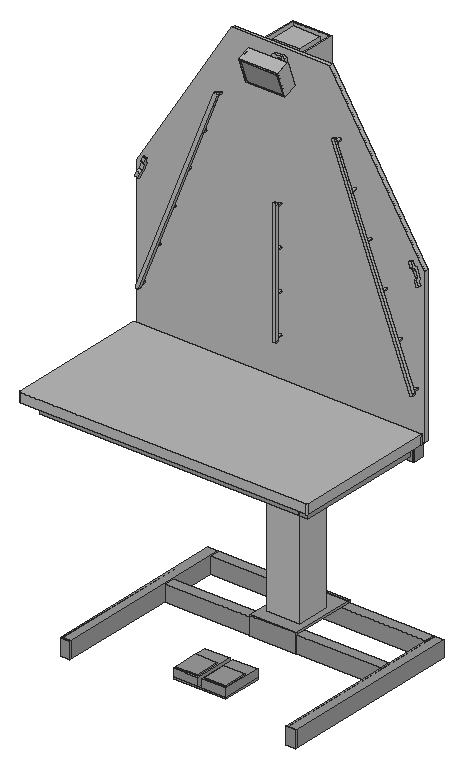
Revit family "Midmark - Tapered Electric Lift Table", category Specialty Equipment, Revit 2017
Family settings
  Round Connector Dimension = Use Diameter
  Part Type = Normal
  OmniClass Number = 23.25.61.00
  Work Plane-Based = No
  Always vertical = Yes
  Cut with Voids When Loaded = No
  Shared = No
  Room Calculation Point = No
Parameters (values of type "Stainless Steel Top w/ Foot Control & Scale")
  Tie-Down Rail Material = Stainless Steel, Polished
  Table Top Frame Material = Steel, Paint Finish, Black, Matte
  Scale = yes
  Width = 1' - 10"
  Type Comments = "Tapered Electric Lift Table, 44\"L x 22\"W Stainless Steel Top with Foot Control and Built-in Scale"
  Table work Ht = 3' - 0"
  Table Depth = 3' - 8"
  Lift Column Material = Stainless Steel, Polished
  Exam Table Material = Stainless Steel, Polished
  Pedestal Width = 3' - 0"
  Model = "110-3210-01"
  Min. Table Top Height w/out Scale = 0' - 8 1/2"
  Max. Table Top Height w/out Scale = 3' - 4"
  Manufacturer = "MIDMARK"
  Height = 7' - 0 1/2"
  Foot Control = yes
  Description = ""
  Depth = 2' - 7"
  Pedestal Base Material = Steel, Paint Finish, Black, Matte
  Back Board Material = Stainless Steel, Polished
Types (4): name | Scale | Type Comments | Model | Foot Control
  Stainless Steel Top w/ Hand Control | no | "Tapered Electric Lift Exam Table, 44\"L x 22\"W Stainless Steel Top with Hand Control" | "101-5640-01" | no
  Stainless Steel Top w/ Foot Control | no | "Tapered Electric Lift Table, 44\"L x 22\"W Stainless Steel Top with Foot Control" | "101-5640-07" | yes
  Stainless Steel Top w/ Hand Control & Scale | yes | "Tapered Electric Lift Exam Table, 44\"L x 22\"W Stainless Steel Top with Hand Control and Built-in Scale" | "110-3210-00" | no
  Stainless Steel Top w/ Foot Control & Scale | yes | "Tapered Electric Lift Table, 44\"L x 22\"W Stainless Steel Top with Foot Control and Built-in Scale" | "110-3210-01" | yes
Reference planes (in)
  plane 1 "Center (Front/Back)": y = 0
  plane 2: z = 0
  plane 3 "Center (Left/Right)": x = 0
  plane 4 "Left Edge of Table": x = -22
  plane 5 "Right Edge of Table": x = 22
  plane 6 "table back": y = 11
  plane 7 "Front of Table Top": y = -11
  plane 8 "TABLE TOP": z = 36
  plane 9 "BO TABLE": z = 34.625
  plane 10 "TO Pedestal": z = 2.5
  plane 11 "back": y = 20.07893
  plane 12 "BO table range w/out Scale": z = 8.5
  plane 13 "T.O. Table range w/out Scale": z = 40
  plane 14 "BO Table Top Frame": z = 32.625
  plane 15 "Back of Base Lift Column": y = 17.01643
  plane 16 "Front of Base Lift Column": y = 12.01643
  plane 17 "TO Base Lift Column": z = 45.125
  plane 18 "BO Base Lift Column": z = 2.75
  plane 19: y = 18.57893
  plane 20: y = 11.51643
  plane 21: y = 10.01643
  plane 22 "Front of Table Stand": y = -7.92107
  plane 23 "Left of Pedestal Base": x = -18
  plane 24 "Right of Pedestal Base": x = 18
  plane 25: x = 3.5
  plane 26: x = -3.5
  plane 27: x = 2.5
  plane 28: x = -2.5
  plane 29 "Front of Back Plate": y = 11.39143
  plane 30 "Left Edge Table Top Frame": x = -21
  plane 31 "Right Edge Table Frame": x = 21
  plane 32 "BO Lift Column Channel": z = 32.125
  plane 33: y = 10.51643
  plane 34: y = -9
  plane 35: y = -7.5
  plane 36: x = 20.5
  plane 37: x = -20.5
  plane 38 "TO Lift Column Channel": z = 81.00133
  plane 39 "TO Back Plate": z = 81.13024
  plane 40: x = 1.99835
  plane 41: x = -2
  plane 42: y = 16.51643
  plane 43: y = 12.51643
  plane 44: through (-20.31668, -180, 59.01938) normal (0.9336, 0, -0.3584)
  plane 45: through (20.31668, -180, 59.01938) normal (0.9336, 0, 0.3584)
  plane 46 "Left Tie Down Rail": through (-8.92814, -180, 72.13257) normal (0.9317, 0, -0.3632)
  plane 47 "Right Tie Down Rail": through (8.92438, -180, 72.13257) normal (0.9317, 0, 0.3632)
  plane 48: through (-7.5229, -180, 81.13024) normal (0.8491, 0, -0.5283)
  plane 49: through (7.5229, -180, 81.13024) normal (0.8491, 0, 0.5283)
Forms (in)
  Extrusion 1, solid, material "Stainless Steel, Polished" <- "Exam Table Material"
    sketch origin (0, 0, 0) x (1, 0, 0) y (0, 1, 0)
      loop
        arc (-21.76734, 11) -> (-21.93186, 10.93186) -> (-22, 10.76734) r 0.23266
        line (-22, 10.76734) -> (-22, -10.76403)
        arc (-22, -10.76403) -> (-21.93089, -10.93089) -> (-21.76403, -11) r 0.23597
        line (-21.76403, -11) -> (21.76563, -11)
        arc (21.76563, -11) -> (21.93135, -10.93135) -> (22, -10.76562) r 0.23438
        line (22, -10.76562) -> (22, 10.76563)
        arc (22, 10.76563) -> (21.93135, 10.93135) -> (21.76563, 11) r 0.23438
        line (21.76563, 11) -> (-21.76734, 11)
    from 34.625 to 36
  Extrusion 2, solid, material "Stainless Steel, Polished" <- "Back Board Material"
    sketch origin (0, 20.07893, 0) x (-1, 0, 0) y (0, 0, 1)
      loop
        line (22, 34.625) -> (22, 57.86225) -> (7.5229, 81.13024) -> (-7.5229, 81.13024) -> (-22, 58.07804) -> (-22, 34.625) -> (22, 34.625)
    from -8.0625 to -8.63963
  Extrusion 3, solid, material "Stainless Steel, Polished" <- "Lift Column Material"
    sketch origin (0, 20.07893, -0.15024) x (-1, 0, 0) y (0, 0, 1)
      loop
        line (2.5, 2.90024) -> (2.5, 45.125) -> (-2.5, 45.125) -> (-2.5, 2.90024) -> (2.5, 2.90024)
    from -3.05115 to -8.07815
  Extrusion 4, solid, material "Steel, Paint Finish, Black, Matte" <- "Pedestal Base Material"
    sketch origin (-28.87328, 20.07893, 48) x (-1, 0, 0) y (0, 0, 1)
      loop
        line (-10.87328, -45.5) -> (-12.37328, -45.5) -> (-12.37328, -48) -> (-10.87328, -48) -> (-10.87328, -45.5)
      loop
        line (-46.87328, -45.5) -> (-46.87328, -48) -> (-45.37328, -48) -> (-45.37328, -45.5) -> (-46.87328, -45.5)
      loop
        line (-45.49828, -45.625) -> (-46.74828, -45.625) -> (-46.74828, -47.875) -> (-45.49828, -47.875) -> (-45.49828, -45.625)
      loop
        line (-10.99828, -45.625) -> (-12.24828, -45.625) -> (-12.24828, -47.875) -> (-10.99828, -47.875) -> (-10.99828, -45.625)
    from -28 to 0
  Extrusion 5, solid, material "Steel, Paint Finish, Black, Matte" <- "Pedestal Base Material"
    sketch origin (18, 26.97006, 43.34038) x (0, 1, 0) y (0, 0, 1)
      loop
        line (-6.89113, -40.84038) -> (-8.39113, -40.84038) -> (-8.39113, -43.34038) -> (-6.89113, -43.34038) -> (-6.89113, -40.84038)
      loop
        line (-15.45363, -40.84038) -> (-16.95363, -40.84038) -> (-16.95363, -43.34038) -> (-15.45363, -43.34038) -> (-15.45363, -40.84038)
      loop
        line (-7.01613, -40.96538) -> (-8.26613, -40.96538) -> (-8.26613, -43.21538) -> (-7.01613, -43.21538) -> (-7.01613, -40.96538)
      loop
        line (-15.57863, -40.96538) -> (-16.82863, -40.96538) -> (-16.82863, -43.21538) -> (-15.57863, -43.21538) -> (-15.57863, -40.96538)
    from -34.5 to -1.5
  Extrusion 6, solid, material "Steel, Paint Finish, Black, Matte" <- "Table Top Frame Material"
    sketch origin (-39.85107, -180, 2.75) x (-1, 0, 0) y (0, -1, 0)
      loop
        line (-36.35107, -200.07893) -> (-36.35107, -190.01643) -> (-43.35107, -190.01643) -> (-43.35107, -200.07893) -> (-36.35107, -200.07893)
    from -0.25 to 0
  Extrusion 7, solid, material "Steel, Paint Finish, Black, Matte" <- "Table Top Frame Material"
    sketch origin (18, 26.97006, 43.34038) x (0, 1, 0) y (0, 0, 1)
      loop
        line (-14.95363, -8.71538) -> (-16.45363, -8.71538) -> (-16.45363, -11.21538) -> (-14.95363, -11.21538) -> (-14.95363, -8.71538)
      loop
        line (-15.07863, -8.84038) -> (-16.32863, -8.84038) -> (-16.32863, -11.09038) -> (-15.07863, -11.09038) -> (-15.07863, -8.84038)
    from -39 to 3
  Extrusion 8, solid, material "Steel, Paint Finish, Black, Matte" <- "Table Top Frame Material"
    sketch origin (-28.87328, 10.51643, 48) x (-1, 0, 0) y (0, 0, 1)
      loop
        line (-8.37328, -13.375) -> (-9.87328, -13.375) -> (-9.87328, -15.375) -> (-8.37328, -15.375) -> (-8.37328, -13.375)
      loop
        line (-49.37138, -15.375) -> (-47.87138, -15.375) -> (-47.87138, -13.375) -> (-49.37138, -13.375) -> (-49.37138, -15.375)
      loop
        line (-49.24638, -13.5) -> (-49.24638, -15.25) -> (-47.99638, -15.25) -> (-47.99638, -13.5) -> (-49.24638, -13.5)
      loop
        line (-8.49828, -13.5) -> (-9.74828, -13.5) -> (-9.74828, -15.25) -> (-8.49828, -15.25) -> (-8.49828, -13.5)
    from -19.46409 to -0.01935
  Extrusion 9, solid, material "Steel, Paint Finish, Black, Matte" <- "Table Top Frame Material"
    sketch origin (18, 26.97006, 43.34038) x (0, 1, 0) y (0, 0, 1)
      loop
        line (-34.47006, -8.71538) -> (-35.97006, -8.71538) -> (-35.97006, -10.71538) -> (-34.47006, -10.71538) -> (-34.47006, -8.71538)
      loop
        line (-34.59506, -8.84038) -> (-35.84506, -8.84038) -> (-35.84506, -10.59038) -> (-34.59506, -10.59038) -> (-34.59506, -8.84038)
    from -38.42161 to 2.46054
  Extrusion 10, solid, material "Stainless Steel, Polished" <- "Lift Column Material"
    sketch origin (-39.85107, -180, 2.75) x (-1, 0, 0) y (0, -1, 0)
      loop
        line (-36.84919, -192.01643) -> (-37.03669, -192.01643) -> (-37.03669, -197.32893) -> (-42.66169, -197.32893) -> (-42.66169, -192.01643) -> (-42.84919, -192.01643) -> (-42.84919, -197.51643) -> (-36.84919, -197.51643) -> (-36.84919, -192.01643)
    from 29.38024 to 78.25133
  Extrusion 11, solid, material "Stainless Steel, Polished" <- "Lift Column Material"
    sketch origin (-39.85107, -180, 2.75) x (-1, 0, 0) y (0, -1, 0)
      loop
        line (-37.85107, -196.51643) -> (-37.85107, -192.51643) -> (-41.84942, -192.51643) -> (-41.84942, -196.51643) -> (-37.85107, -196.51643)
    from 33.25 to 78.25133
  Extrusion 12, solid, material "Stainless Steel, Polished", visible <- "Scale", not visible
    sketch origin (0, -1.53795, 9.23805) x (0, -0.939693, -0.34202) y (-1, 0, 0)
      loop
        line (-4, 3) -> (-4, -3) -> (-0.00124, -3) -> (-0.00124, 3) -> (-4, 3)
      loop
        line (-0.12624, 2.875) -> (-3.875, 2.875) -> (-3.875, -2.875) -> (-0.12624, -2.875) -> (-0.12624, 2.875)
    from -2 to 0
  Extrusion 13, solid, material "Plastic, Opaque White", visible <- "Scale", not visible
    sketch origin (0, -2.22199, 11.11743) x (0, -0.939693, -0.34202) y (-1, 0, 0)
      loop
        line (-3.875, 2.875) -> (-3.875, -2.875) -> (-0.12624, -2.875) -> (-0.12624, 2.875) -> (-3.875, 2.875)
    from 0 to 2
  Sweep 14, solid, material "Stainless Steel, Polished", visible <- "Scale", not visible
    path origin (0, -45.90836, 0) x (0, 1, 0) y (0, 0, 1)
      loop
        line (46.25038, 9.9223) -> (46.96658, 7.95455)
    profile origin (0, 0.70012, 8.93842) x (0, 0.939693, 0.34202) y (1, 0, 0)
      loop
        circle (0, 0) r 0.25
  Extrusion 15, solid, material "Stainless Steel, Polished", visible <- "Scale", not visible
    sketch origin (0, -46.0499, 0) x (1, 0, 0) y (0, 1, 0)
      loop
        arc (-0.5, 47.44514) -> (-1, 46.94514) -> (-0.5, 46.44514) r 0.5
        line (-0.5, 46.44514) -> (0.5, 46.44514)
        arc (0.5, 46.44514) -> (1, 46.94514) -> (0.5, 47.44514) r 0.5
        line (0.5, 47.44514) -> (-0.5, 47.44514)
    from 8.249 to 8.59927
  Extrusion 16, solid, material "Stainless Steel, Polished", visible <- "Scale"
    sketch origin (0, 10.40238, 77.21205) x (0, 0.34202, -0.939693) y (-1, 0, 0)
      loop
        line (-4, 3) -> (-4, -3) -> (-0.00124, -3) -> (-0.00124, 3) -> (-4, 3)
      loop
        line (-0.12624, 2.875) -> (-3.875, 2.875) -> (-3.875, -2.875) -> (-0.12624, -2.875) -> (-0.12624, 2.875)
    from -2 to 0
  Extrusion 17, solid, material "Plastic, Opaque White", visible <- "Scale"
    sketch origin (0, 8.523, 76.52801) x (0, 0.34202, -0.939693) y (-1, 0, 0)
      loop
        line (-3.875, 2.875) -> (-3.875, -2.875) -> (-0.12624, -2.875) -> (-0.12624, 2.875) -> (-3.875, 2.875)
    from 0 to 2
  Sweep 18, solid, material "Stainless Steel, Polished", visible <- "Scale"
    path origin (0, 19.64043, 32.84164) x (0, 0, 1) y (0, -1, 0)
      loop
        line (46.25038, 9.9223) -> (46.96658, 7.95455)
    profile origin (0, 10.702, 79.45012) x (0, -0.34202, 0.939693) y (1, 0, 0)
      loop
        circle (0, 0) r 0.25
  Extrusion 19, solid, material "Stainless Steel, Polished", visible <- "Scale"
    sketch origin (0, 19.64043, 32.7001) x (1, 0, 0) y (0, 0, 1)
      loop
        arc (-0.5, 47.44514) -> (-1, 46.94514) -> (-0.5, 46.44514) r 0.5
        line (-0.5, 46.44514) -> (0.5, 46.44514)
        arc (0.5, 46.44514) -> (1, 46.94514) -> (0.5, 47.44514) r 0.5
        line (0.5, 47.44514) -> (-0.5, 47.44514)
    from 8.249 to 8.59927
  Extrusion 20, solid, material "Rubber, Black", visible <- "Foot Control", not visible
    sketch origin (4, 14.73515, -131.10317) x (0, 1, 0) y (0, 0, -1)
      loop
        line (-17.73515, -144) -> (-17.73515, -144.25) -> (-11.73515, -144.25) -> (-11.73515, -144) -> (-17.73515, -144)
    from 0 to 8
  Extrusion 21, solid, material "Rubber, Black", visible <- "Foot Control", not visible
    sketch origin (-0.5, 14.73515, -131.10317) x (0, 1, 0) y (0, 0, -1)
      loop
        line (-17.73515, -144.25) -> (-17.73515, -145.5) -> (-11.73515, -145.5) -> (-11.73515, -144.25) -> (-17.73515, -144.25)
    from -0.24968 to 3.5
  Extrusion 22, solid, material "Rubber, Black", visible <- "Foot Control", not visible
    sketch origin (4, 14.73515, -131.10317) x (0, 1, 0) y (0, 0, -1)
      loop
        line (-17.73515, -144.25) -> (-17.73515, -145.5) -> (-11.73515, -145.5) -> (-11.73515, -144.25) -> (-17.73515, -144.25)
    from 0 to 3.75
  Extrusion 23, solid, material "Rubber, Black", visible <- "Foot Control", not visible
    sketch origin (-46.37847, -34.26485, 12.89683) x (-1, 0, 0) y (0, -1, 0)
      loop
        line (-50.16308, -31.46256) -> (-50.16308, -35.21256) -> (-46.91308, -35.21256) -> (-46.91308, -31.46256) -> (-50.16308, -31.46256)
      loop
        line (-42.59385, -31.46256) -> (-45.84385, -31.46256) -> (-45.84385, -35.21256) -> (-42.59385, -35.21256) -> (-42.59385, -31.46256)
    from 1.5 to 1.67664
  Extrusion 24, solid, material "Rubber, Black", visible <- "Foot Control"
    sketch origin (4, 13.73515, -144) x (0, 1, 0) y (0, 0, -1)
      loop
        line (-17.73515, -144) -> (-17.73515, -144.25) -> (-11.73515, -144.25) -> (-11.73515, -144) -> (-17.73515, -144)
    from 0 to 8
  Extrusion 25, solid, material "Rubber, Black", visible <- "Foot Control"
    sketch origin (-0.5, 13.73515, -144) x (0, 1, 0) y (0, 0, -1)
      loop
        line (-17.73515, -144.25) -> (-17.73515, -145.5) -> (-11.73515, -145.5) -> (-11.73515, -144.25) -> (-17.73515, -144.25)
    from -0.24968 to 3.5
  Extrusion 26, solid, material "Rubber, Black", visible <- "Foot Control"
    sketch origin (4, 13.73515, -144) x (0, 1, 0) y (0, 0, -1)
      loop
        line (-17.73515, -144.25) -> (-17.73515, -145.5) -> (-11.73515, -145.5) -> (-11.73515, -144.25) -> (-17.73515, -144.25)
    from 0 to 3.75
  Extrusion 27, solid, material "Rubber, Black", visible <- "Foot Control"
    sketch origin (-46.37847, -35.26485, 0) x (-1, 0, 0) y (0, -1, 0)
      loop
        line (-50.16308, -31.46256) -> (-50.16308, -35.21256) -> (-46.91308, -35.21256) -> (-46.91308, -31.46256) -> (-50.16308, -31.46256)
      loop
        line (-42.59385, -31.46256) -> (-45.84385, -31.46256) -> (-45.84385, -35.21256) -> (-42.59385, -35.21256) -> (-42.59385, -31.46256)
    from 1.5 to 1.67664
  Extrusion 28, solid, material "Stainless Steel, Polished" <- "Tie-Down Rail Material"
    sketch origin (-28.87328, 10.51643, 48) x (-1, 0, 0) y (0, 0, 1)
      loop
        line (-28.74828, 12.16624) -> (-28.99883, 12.16624)
        arc (-28.99883, 12.16624) -> (-29.08722, 12.12962) -> (-29.12383, 12.04124) r 0.125
        line (-29.12383, 12.04124) -> (-29.12383, -6.70876)
        arc (-29.12383, -6.70876) -> (-29.08722, -6.79715) -> (-28.99883, -6.83376) r 0.125
        line (-28.99883, -6.83376) -> (-28.74828, -6.83376)
        arc (-28.74828, -6.83376) -> (-28.6599, -6.79715) -> (-28.62328, -6.70876) r 0.125
        line (-28.62328, -6.70876) -> (-28.62328, 12.04124)
        arc (-28.62328, 12.04124) -> (-28.6599, 12.12962) -> (-28.74828, 12.16624) r 0.125
      loop
        line (-19.82868, 24.17797) -> (-20.0616, 24.08717)
        arc (-20.0616, 24.08717) -> (-20.13103, 24.02101) -> (-20.13314, 23.92512) r 0.125
        line (-20.13314, 23.92512) -> (-8.16573, -6.77369)
        arc (-8.16573, -6.77369) -> (-8.09953, -6.84268) -> (-8.00394, -6.84457) r 0.1248
        line (-8.00394, -6.84457) -> (-7.77101, -6.75377)
        arc (-7.77101, -6.75377) -> (-7.70182, -6.68761) -> (-7.6994, -6.59191) r 0.12551
        line (-7.6994, -6.59191) -> (-19.66681, 24.10691)
        arc (-19.66681, 24.10691) -> (-19.73303, 24.17597) -> (-19.82868, 24.17797) r 0.125
      loop
        line (-38.08041, 24.10691) -> (-50.04782, -6.59191)
        arc (-50.04782, -6.59191) -> (-50.04581, -6.68755) -> (-49.97675, -6.75377) r 0.125
        line (-49.97675, -6.75377) -> (-49.74383, -6.84457)
        arc (-49.74383, -6.84457) -> (-49.64818, -6.84256) -> (-49.58196, -6.77351) r 0.125
        line (-49.58196, -6.77351) -> (-37.61455, 23.92531)
        arc (-37.61455, 23.92531) -> (-37.61615, 24.0209) -> (-37.68507, 24.08717) r 0.12449
        line (-37.68507, 24.08717) -> (-37.918, 24.17797)
        arc (-37.918, 24.17797) -> (-38.01394, 24.17614) -> (-38.08041, 24.10691) r 0.1252
    from -0.23441 to 0.01559
  Extrusion 29, solid, material "Stainless Steel, Polished" <- "Tie-Down Rail Material"
    sketch origin (-28.87328, 10.51643, 48) x (-1, 0, 0) y (0, 0, 1)
      loop
        circle (-19.75864, 23.66399) r 0.15588
      loop
        circle (-17.42037, 17.67282) r 0.15588
      loop
        circle (-15.08222, 11.67047) r 0.15588
      loop
        circle (-12.74847, 5.66286) r 0.15588
      loop
        circle (-10.41105, -0.33316) r 0.15588
      loop
        circle (-8.06867, -6.33338) r 0.15588
      loop
        circle (-49.68396, -6.33338) r 0.15588
      loop
        circle (-47.34036, -0.33892) r 0.15588
      loop
        circle (-45.0007, 5.66685) r 0.15588
      loop
        circle (-42.66477, 11.66589) r 0.15588
      loop
        circle (-40.3235, 17.6614) r 0.15588
      loop
        circle (-37.98666, 23.66568) r 0.15588
      loop
        circle (-28.87328, 11.66589) r 0.15588
      loop
        circle (-28.87328, 5.66589) r 0.15588
      loop
        circle (-28.87328, -0.33411) r 0.15588
      loop
        circle (-28.87328, -6.33411) r 0.15588
    from 0 to 0.85787
  Extrusion 30, solid, material "Stainless Steel, Polished" <- "Tie-Down Rail Material"
    sketch origin (11.15548, 26.97006, 30.08765) x (0, 1, 0) y (0.358368, 0, 0.93358)
      loop
        line (-15.93218, 15.77475) -> (-16.20598, 15.77475) -> (-16.20598, 15.02475) -> (-15.82863, 14.64739) -> (-15.82863, 13.64739) -> (-16.18218, 13.29384) -> (-16.18218, 12.54384) -> (-15.93218, 12.54384) -> (-15.93218, 13.04384) -> (-15.57863, 13.39739) -> (-15.57863, 14.89739) -> (-15.93218, 15.25095) -> (-15.93218, 15.77475)
    from -40 to -39.5
  Extrusion 31, solid, material "Stainless Steel, Polished" <- "Tie-Down Rail Material"
    sketch origin (-11.15548, 26.97006, 30.08765) x (0, 1, 0) y (0.358368, 0, -0.93358)
      loop
        line (-15.93218, -15.77475) -> (-15.93218, -15.25095) -> (-15.57863, -14.89739) -> (-15.57863, -13.39739) -> (-15.93218, -13.04384) -> (-15.93218, -12.54384) -> (-16.18218, -12.54384) -> (-16.18218, -13.29384) -> (-15.82863, -13.64739) -> (-15.82863, -14.64739) -> (-16.20598, -15.02475) -> (-16.20598, -15.77475) -> (-15.93218, -15.77475)
    from -39.97082 to -39.5
  Extrusion 32, solid, material "Steel, Paint Finish, Black, Matte" <- "Pedestal Base Material"
    sketch origin (-28.87328, 10.51643, 48) x (-1, 0, 0) y (0, 0, 1)
      loop
        line (-10.87328, -45.5) -> (-12.37328, -45.5) -> (-12.37328, -48) -> (-10.87328, -48) -> (-10.87328, -45.5)
      loop
        line (-46.87328, -45.5) -> (-46.87328, -48) -> (-45.37328, -48) -> (-45.37328, -45.5) -> (-46.87328, -45.5)
    from -18.62481 to -18.4375
  Extrusion 33, solid, material "Steel, Paint Finish, Black, Matte" <- "Table Top Frame Material"
    sketch origin (18, 18.90756, 75.46538) x (0, 1, 0) y (0, 0, 1)
      loop
        line (-6.89113, -40.84038) -> (-8.39113, -40.84038) -> (-8.39113, -43.34038) -> (-6.89113, -43.34038) -> (-6.89113, -40.84038)
    from -39.18561 to -39
  Extrusion 34, solid, material "Steel, Paint Finish, Black, Matte" <- "Table Top Frame Material"
    sketch origin (18, 18.90756, 75.47061) x (0, 1, 0) y (0, 0, 1)
      loop
        line (-6.89113, -40.84038) -> (-8.39113, -40.84038) -> (-8.39113, -43.34038) -> (-6.89113, -43.34038) -> (-6.89113, -40.84038)
    from 3 to 3.18913
  Extrusion 35, solid, material "Steel, Paint Finish, Black, Matte" <- "Pedestal Base Material"
    sketch origin (18, 26.97006, 43.34038) x (0, 1, 0) y (0, 0, 1)
      loop
        line (-6.75588, -40.59038) -> (-7.00588, -40.59038) -> (-7.00588, -43.34038) -> (-6.75588, -43.34038) -> (-6.75588, -40.59038)
      loop
        line (-17.08888, -40.59038) -> (-17.08888, -43.34038) -> (-16.83888, -43.34038) -> (-16.83888, -40.59038) -> (-17.08888, -40.59038)
    from -21.5 to -14.5
Lines and regions (in)
  symbolic lines, visible <- "Scale"
    curve 1: line (-20, 9, 36) -> (-20, -9, 36)
    curve 2: line (20, 9, 36) -> (-20, 9, 36)
    curve 3: line (20, -9, 36) -> (20, 9, 36)
    curve 4: line (-20, -9, 36) -> (20, -9, 36)
  model lines, visible <- "Scale", not visible
    curve 5: line (-2.49632, 1.0983, 12.32592) -> (2.50368, 1.0983, 12.32592)
    curve 6: line (2.50368, 1.0983, 12.32592) -> (2.50368, 0.15861, 11.9839)
    curve 7: line (2.50368, 0.15861, 11.9839) -> (-2.49632, 0.15861, 11.9839)
    curve 8: line (-2.49632, 0.15861, 11.9839) -> (-2.49632, 1.0983, 12.32592)
    curve 9: circle (-2.24632, -0.98572, 11.5674) r 0.25 normal (0, 0.342, -0.9397)
    curve 10: circle (2.25368, -0.98572, 11.5674) r 0.25 normal (0, -0.342, 0.9397)
    curve 11: circle (0.75368, -0.98572, 11.5674) r 0.25 normal (0, -0.342, 0.9397)
    curve 12: circle (-0.74632, -0.98572, 11.5674) r 0.25 normal (0, 0.342, -0.9397)
  model lines, visible <- "Scale"
    curve 13: line (-2.49632, 7.31451, 79.8483) -> (2.50368, 7.31451, 79.8483)
    curve 14: line (2.50368, 7.31451, 79.8483) -> (2.50368, 7.65653, 78.90861)
    curve 15: line (2.50368, 7.65653, 78.90861) -> (-2.49632, 7.65653, 78.90861)
    curve 16: line (-2.49632, 7.65653, 78.90861) -> (-2.49632, 7.31451, 79.8483)
    curve 17: circle (-2.24632, 8.07303, 77.76428) r 0.25 normal (0, 0.9397, 0.342)
    curve 18: circle (2.25368, 8.07303, 77.76428) r 0.25 normal (0, -0.9397, -0.342)
    curve 19: circle (0.75368, 8.07303, 77.76428) r 0.25 normal (0, -0.9397, -0.342)
    curve 20: circle (-0.74632, 8.07303, 77.76428) r 0.25 normal (0, 0.9397, 0.342)
Dimensions and locks (in)
  "Table work Ht": plane 8 "TABLE TOP" to level
  plane 8 "TABLE TOP" to plane 9 "BO TABLE" = 0' - 1 3/8"
  plane 10 "TO Pedestal" to level = 0' - 2 1/2"
  equal spacing: Extrusion 2 sketch curve, plane 3 "Center (Left/Right)", Extrusion 2 sketch curve
  "Max. Table Top Height w/out Scale": plane 13 "T.O. Table range w/out Scale" to level
  Extrusion 3 sketch curve to plane 3 "Center (Left/Right)" to Extrusion 3 sketch curve = 0' - 2 1/2", 0' - 2 1/2"
  "Table Depth": plane 4 "Left Edge of Table" to plane 5 "Right Edge of Table"
  "Width": plane 6 "table back" to plane 7 "Front of Table Top"
  equal spacing: plane 6 "table back", plane 1 "Center (Front/Back)", plane 7 "Front of Table Top"
  "Min. Table Top Height w/out Scale": plane 12 "BO table range w/out Scale" to level
  "Pedestal Width": plane 23 "Left of Pedestal Base" to plane 24 "Right of Pedestal Base"
  level to Extrusion 35 = 0' - 2 3/4"
  aligned and locked: level to plane 2
  aligned and locked: Extrusion 1 sketch curve to plane 6 "table back"
  aligned and locked: Extrusion 1 sketch curve to plane 5 "Right Edge of Table"
  aligned and locked: Extrusion 1 sketch curve to plane 7 "Front of Table Top"
  aligned and locked: Extrusion 1 sketch curve to plane 4 "Left Edge of Table"
  aligned and locked: plane 8 "TABLE TOP" to Extrusion 1
Automatic sketch dimensions
  Extrusion 12 sketch curve to Extrusion 12 sketch curve = 0' - 0 1/8"  (x4)
  Extrusion 12 sketch curve to Extrusion 12 sketch curve = 0' - 3.74876"
  Extrusion 12 sketch curve to Extrusion 12 sketch curve = 0' - 5 3/4"
  Extrusion 13 sketch curve to Extrusion 13 sketch curve = 0' - 3.74876"
  Extrusion 13 sketch curve to Extrusion 13 sketch curve = 0' - 5 3/4"
  Sweep 14 sketch curve to Sweep 14 sketch curve = 0' - 0.7162"
  Sweep 14 sketch curve to Sweep 14 sketch curve = 0' - 1.96775"
  Extrusion 15 sketch curve to Extrusion 15 sketch curve = 0' - 1"
  Extrusion 15 sketch curve to Extrusion 15 sketch curve = 0' - 0 1/2"
  Extrusion 16 sketch curve to Extrusion 16 sketch curve = 0' - 0 1/8"  (x4)
  Extrusion 16 sketch curve to Extrusion 16 sketch curve = 0' - 3.74876"
  Extrusion 16 sketch curve to Extrusion 16 sketch curve = 0' - 5 3/4"
  Extrusion 17 sketch curve to Extrusion 17 sketch curve = 0' - 3.74876"
  Extrusion 17 sketch curve to Extrusion 17 sketch curve = 0' - 5 3/4"
  Sweep 18 sketch curve to Sweep 18 sketch curve = 0' - 0.7162"
  Sweep 18 sketch curve to Sweep 18 sketch curve = 0' - 1.96775"
  Extrusion 19 sketch curve to Extrusion 19 sketch curve = 0' - 1"
  Extrusion 19 sketch curve to Extrusion 19 sketch curve = 0' - 0 1/2"
  Extrusion 1 sketch curve to Extrusion 1 sketch curve = 0' - 0.23266"
  plane 4 "Left Edge of Table" to Extrusion 1 sketch curve = 0' - 0.23597"
  Extrusion 1 sketch curve to plane 5 "Right Edge of Table" = 0' - 0 15/64"  (x2)
  Extrusion 2 sketch curve to plane 5 "Right Edge of Table" = 0' - 0"
  Extrusion 2 sketch curve to plane 39 "TO Back Plate" = 0' - 0"
  Extrusion 2 sketch curve to plane 4 "Left Edge of Table" = 0' - 0"
  Extrusion 2 sketch curve to plane 9 "BO TABLE" = 0' - 0"
  plane 25 to Extrusion 2 sketch curve = 0' - 4.0229"
  plane 17 "TO Base Lift Column" to Extrusion 2 sketch curve = 1' - 0.73725"
  plane 17 "TO Base Lift Column" to Extrusion 2 sketch curve = 1' - 0.95304"
  Extrusion 3 sketch curve to plane 18 "BO Base Lift Column" = 0' - 0"
  Extrusion 3 sketch curve to plane 17 "TO Base Lift Column" = 0' - 0.15024"
  curve 3 to plane 34 = 0' - 0"
  curve 3 to plane 36 = 0' - 0 1/2"
  plane 37 to curve 2 = 0' - 0 1/2"
  curve 1 to plane 21 = 0' - 1.01643"
  Extrusion 4 sketch curve to plane 10 "TO Pedestal" = 0' - 0"  (x2)
  Extrusion 4 sketch curve to plane 24 "Right of Pedestal Base" = 0' - 0"
  Extrusion 4 sketch curve to level = 0' - 0"  (x2)
  Extrusion 4 sketch curve to plane 23 "Left of Pedestal Base" = 0' - 0"
  Extrusion 4 sketch curve to plane 24 "Right of Pedestal Base" = 0' - 0 1/8"
  level to Extrusion 4 sketch curve = 0' - 0 1/8"  (x2)
  Extrusion 4 sketch curve to Extrusion 4 sketch curve = 0' - 1 1/4"
  Extrusion 4 sketch curve to Extrusion 4 sketch curve = 0' - 0 1/8"  (x2)
  Extrusion 4 sketch curve to Extrusion 4 sketch curve = 0' - 1 1/2"
  plane 23 "Left of Pedestal Base" to Extrusion 4 sketch curve = 0' - 0 1/8"
  Extrusion 4 sketch curve to plane 10 "TO Pedestal" = 0' - 0 1/8"  (x2)
  Extrusion 5 sketch curve to plane 10 "TO Pedestal" = 0' - 0"  (x2)
  Extrusion 5 sketch curve to plane 21 = 0' - 0"
  Extrusion 5 sketch curve to plane 29 "Front of Back Plate" = 0' - 0"
  Extrusion 5 sketch curve to level = 0' - 0"  (x2)
  Extrusion 5 sketch curve to plane 20 = 0' - 0"
  Extrusion 5 sketch curve to plane 19 = 0' - 0"
  Extrusion 5 sketch curve to plane 11 "back" = 0' - 0"
  plane 21 to Extrusion 5 sketch curve = 0' - 0 1/8"
  plane 19 to Extrusion 5 sketch curve = 0' - 0 1/8"
  Extrusion 5 sketch curve to plane 11 "back" = 0' - 0 1/8"
  level to Extrusion 5 sketch curve = 0' - 0 1/8"  (x2)
  Extrusion 5 sketch curve to plane 10 "TO Pedestal" = 0' - 0 1/8"  (x2)
  Extrusion 6 sketch curve to plane 11 "back" = 0' - 0"
  Extrusion 6 sketch curve to plane 25 = 0' - 0"
  Extrusion 6 sketch curve to plane 21 = 0' - 0"
  Extrusion 6 sketch curve to plane 26 = 0' - 0"
  Extrusion 7 sketch curve to plane 9 "BO TABLE" = 0' - 0"
  Extrusion 7 sketch curve to plane 33 = 0' - 0"
  Extrusion 7 sketch curve to plane 16 "Front of Base Lift Column" = 0' - 0"
  Extrusion 7 sketch curve to plane 32 "BO Lift Column Channel" = 0' - 0"
  plane 33 to Extrusion 7 sketch curve = 0' - 0 1/8"
  Extrusion 7 sketch curve to plane 16 "Front of Base Lift Column" = 0' - 0 1/8"
  plane 32 "BO Lift Column Channel" to Extrusion 7 sketch curve = 0' - 0 1/8"
  Extrusion 7 sketch curve to plane 9 "BO TABLE" = 0' - 0 1/8"
  Extrusion 8 sketch curve to plane 9 "BO TABLE" = 0' - 0"  (x2)
  Extrusion 8 sketch curve to plane 14 "BO Table Top Frame" = 0' - 0"  (x2)
  Extrusion 8 sketch curve to plane 37 = 0' - 0"
  plane 37 to Extrusion 8 sketch curve = 0' - 0 1/8"
  Extrusion 8 sketch curve to plane 9 "BO TABLE" = 0' - 0 1/8"  (x2)
  Extrusion 8 sketch curve to plane 23 "Left of Pedestal Base" = 0' - 1 1/8"
  Extrusion 8 sketch curve to Extrusion 8 sketch curve = 0' - 0 1/8"  (x2)
  plane 24 "Right of Pedestal Base" to Extrusion 8 sketch curve = 0' - 0.99809"
  Extrusion 8 sketch curve to plane 36 = 0' - 0.12691"
  Extrusion 8 sketch curve to plane 36 = 0' - 0.00191"
  plane 14 "BO Table Top Frame" to Extrusion 8 sketch curve = 0' - 0 1/8"  (x2)
  Extrusion 9 sketch curve to plane 9 "BO TABLE" = 0' - 0"
  Extrusion 9 sketch curve to plane 34 = 0' - 0"
  Extrusion 9 sketch curve to plane 14 "BO Table Top Frame" = 0' - 0"
  Extrusion 9 sketch curve to plane 35 = 0' - 0"
  plane 34 to Extrusion 9 sketch curve = 0' - 0 1/8"
  Extrusion 9 sketch curve to plane 35 = 0' - 0 1/8"
  plane 14 "BO Table Top Frame" to Extrusion 9 sketch curve = 0' - 0 1/8"
  Extrusion 9 sketch curve to plane 9 "BO TABLE" = 0' - 0 1/8"
  Extrusion 10 sketch curve to plane 16 "Front of Base Lift Column" = 0' - 0"  (x2)
  plane 27 to Extrusion 10 sketch curve = 0' - 0.49812"
  Extrusion 10 sketch curve to Extrusion 10 sketch curve = 0' - 0 3/16"  (x3)
  Extrusion 10 sketch curve to plane 28 = 0' - 0.31438"
  plane 15 "Back of Base Lift Column" to Extrusion 10 sketch curve = 0' - 0 5/16"
  Extrusion 11 sketch curve to plane 40 = 0' - 0"
  Extrusion 11 sketch curve to plane 41 = 0' - 0"
  Extrusion 11 sketch curve to plane 42 = 0' - 0"
  Extrusion 11 sketch curve to plane 43 = 0' - 0"
  plane 31 "Right Edge Table Frame" to Extrusion 28 sketch curve = 0' - 0.17453"
  plane 31 "Right Edge Table Frame" to Extrusion 28 sketch curve = 0' - 0.10347"
  plane 31 "Right Edge Table Frame" to Extrusion 28 sketch curve = 0' - 0.05807"
  Extrusion 28 sketch curve to plane 31 "Right Edge Table Frame" = 0' - 0.12946"
  Extrusion 28 sketch curve to Extrusion 28 sketch curve = 0' - 0.0454"  (x4)
  Extrusion 28 sketch curve to Extrusion 28 sketch curve = 0' - 0.11646"  (x3)
  plane 25 to Extrusion 28 sketch curve = 0' - 5.70712"
  Extrusion 28 sketch curve to Extrusion 28 sketch curve = 0' - 0.11665"
  Extrusion 28 sketch curve to Extrusion 28 sketch curve = 0' - 0.04576"
  Extrusion 28 sketch curve to Extrusion 28 sketch curve = 0' - 0.23347"
  Extrusion 28 sketch curve to Extrusion 28 sketch curve = 0' - 0.04522"
  Extrusion 28 sketch curve to Extrusion 28 sketch curve = 0' - 0.11573"
  plane 3 "Center (Left/Right)" to Extrusion 28 sketch curve = 0' - 0.25054"
  plane 3 "Center (Left/Right)" to Extrusion 28 sketch curve = 0' - 0.12554"
  Extrusion 28 sketch curve to Extrusion 28 sketch curve = 0' - 0 1/8"  (x2)
  Extrusion 28 sketch curve to plane 3 "Center (Left/Right)" = 0' - 0 1/8"  (x2)
  Extrusion 28 sketch curve to plane 26 = 0' - 5.24015"
  Extrusion 28 sketch curve to Extrusion 28 sketch curve = 0' - 0.07153"
  Extrusion 28 sketch curve to Extrusion 28 sketch curve = 0' - 0.04493"
  Extrusion 28 sketch curve to Extrusion 28 sketch curve = 0' - 0.23293"
  Extrusion 28 sketch curve to plane 37 = 0' - 0.20756"
  Extrusion 28 sketch curve to Extrusion 28 sketch curve = 0' - 0.11628"
  Extrusion 28 sketch curve to Extrusion 28 sketch curve = 0' - 0.04551"
  Extrusion 28 sketch curve to plane 30 "Left Edge Table Top Frame" = 0' - 0.05669"
  Extrusion 28 sketch curve to plane 30 "Left Edge Table Top Frame" = 0' - 0.10228"
  Extrusion 28 sketch curve to Extrusion 28 sketch curve = 0' - 0 15/128"
  plane 13 "T.O. Table range w/out Scale" to Extrusion 28 sketch curve = 0' - 1.15543"  (x2)
  plane 13 "T.O. Table range w/out Scale" to Extrusion 28 sketch curve = 0' - 1.16624"
  Extrusion 28 sketch curve to Extrusion 28 sketch curve = 0' - 0.07088"
  Extrusion 28 sketch curve to Extrusion 28 sketch curve = 0' - 0.07106"
  Extrusion 28 sketch curve to Extrusion 28 sketch curve = 0' - 0.0908"  (x2)
  Extrusion 28 sketch curve to Extrusion 28 sketch curve = 0' - 0.11694"
  plane 17 "TO Base Lift Column" to Extrusion 28 sketch curve = 1' - 2.91624"
  Extrusion 28 sketch curve to plane 38 "TO Lift Column Channel" = 0' - 9.07621"
  Extrusion 28 sketch curve to plane 38 "TO Lift Column Channel" = 0' - 9.07602"
  Extrusion 28 sketch curve to Extrusion 28 sketch curve = 0' - 0.04587"
  Extrusion 28 sketch curve to Extrusion 28 sketch curve = 0' - 0.09026"
  Extrusion 28 sketch curve to Extrusion 28 sketch curve = 0' - 0.09099"
  Extrusion 28 sketch curve to Extrusion 28 sketch curve = 0' - 0.04547"
  Extrusion 29 sketch curve to plane 3 "Center (Left/Right)" = 0' - 0"  (x4)
  plane 25 to Extrusion 29 sketch curve = 0' - 5.61337"
  Extrusion 29 sketch curve to Extrusion 29 sketch curve = 0' - 2.33684"
  Extrusion 29 sketch curve to plane 24 "Right of Pedestal Base" = 0' - 4.20851"
  Extrusion 29 sketch curve to plane 24 "Right of Pedestal Base" = 0' - 1.87258"
  plane 24 "Right of Pedestal Base" to Extrusion 29 sketch curve = 0' - 0.46708"
  Extrusion 29 sketch curve to plane 31 "Right Edge Table Frame" = 0' - 0.18933"
  Extrusion 29 sketch curve to plane 26 = 0' - 5.61465"
  Extrusion 29 sketch curve to Extrusion 29 sketch curve = 0' - 2.33826"
  plane 23 "Left of Pedestal Base" to Extrusion 29 sketch curve = 0' - 4.20894"
  plane 23 "Left of Pedestal Base" to Extrusion 29 sketch curve = 0' - 1.87518"
  Extrusion 29 sketch curve to plane 23 "Left of Pedestal Base" = 0' - 0.46223"
  plane 30 "Left Edge Table Top Frame" to Extrusion 29 sketch curve = 0' - 0.19538"
  plane 13 "T.O. Table range w/out Scale" to Extrusion 29 sketch curve = 0' - 1.66589"
  plane 13 "T.O. Table range w/out Scale" to Extrusion 29 sketch curve = 0' - 1.66662"  (x2)
  plane 17 "TO Base Lift Column" to Extrusion 29 sketch curve = 0' - 2.53608"
  plane 17 "TO Base Lift Column" to Extrusion 29 sketch curve = 0' - 2.54089"
  plane 17 "TO Base Lift Column" to Extrusion 29 sketch curve = 0' - 2.54184"
  Extrusion 29 sketch curve to Extrusion 29 sketch curve = 0' - 5.99602"
  Extrusion 29 sketch curve to Extrusion 29 sketch curve = 0' - 6"  (x2)
  Extrusion 29 sketch curve to Extrusion 29 sketch curve = 0' - 6.00577"
  Extrusion 29 sketch curve to Extrusion 29 sketch curve = 0' - 5.99904"
  Extrusion 29 sketch curve to Extrusion 29 sketch curve = 0' - 6.00761"
  Extrusion 29 sketch curve to Extrusion 29 sketch curve = 0' - 5.99552"
  Extrusion 29 sketch curve to Extrusion 29 sketch curve = 0' - 6.00235"
  Extrusion 29 sketch curve to Extrusion 29 sketch curve = 0' - 5.99117"
  Extrusion 29 sketch curve to Extrusion 29 sketch curve = 0' - 6.00427"
  plane 29 "Front of Back Plate" to Extrusion 30 sketch curve = 0' - 0"
  plane 6 "table back" to Extrusion 30 sketch curve = 0' - 0.14143"
  plane 6 "table back" to Extrusion 30 sketch curve = 0' - 0.03788"  (x2)
  Extrusion 30 sketch curve to plane 6 "table back" = 0' - 0.21212"
  Extrusion 30 sketch curve to plane 6 "table back" = 0' - 0.23593"
  Extrusion 30 sketch curve to Extrusion 30 sketch curve = 0' - 0 1/2"
  Extrusion 30 sketch curve to Extrusion 30 sketch curve = 0' - 0 1/4"  (x3)
  Extrusion 30 sketch curve to Extrusion 30 sketch curve = 0' - 0.35355"
  Extrusion 30 sketch curve to Extrusion 30 sketch curve = 0' - 1"
  Extrusion 30 sketch curve to Extrusion 30 sketch curve = 0' - 0.37735"
  Extrusion 30 sketch curve to Extrusion 30 sketch curve = 0' - 0.2262"
  Extrusion 30 sketch curve to Extrusion 30 sketch curve = 0' - 0.5238"
  plane 29 "Front of Back Plate" to Extrusion 31 sketch curve = 0' - 0"
  plane 6 "table back" to Extrusion 31 sketch curve = 0' - 0.14143"
  plane 6 "table back" to Extrusion 31 sketch curve = 0' - 0.03788"  (x2)
  Extrusion 31 sketch curve to plane 6 "table back" = 0' - 0.21212"
  Extrusion 31 sketch curve to plane 6 "table back" = 0' - 0.23593"
  Extrusion 31 sketch curve to Extrusion 31 sketch curve = 0' - 0.5238"
  Extrusion 31 sketch curve to Extrusion 31 sketch curve = 0' - 0.2262"
  Extrusion 31 sketch curve to Extrusion 31 sketch curve = 0' - 0.35355"  (x2)
  Extrusion 31 sketch curve to Extrusion 31 sketch curve = 0' - 0 1/4"  (x3)
  Extrusion 31 sketch curve to Extrusion 31 sketch curve = 0' - 1"
  Extrusion 31 sketch curve to Extrusion 31 sketch curve = 0' - 0 1/2"
  Extrusion 32 sketch curve to plane 10 "TO Pedestal" = 0' - 0"  (x2)
  Extrusion 32 sketch curve to plane 24 "Right of Pedestal Base" = 0' - 0"
  Extrusion 32 sketch curve to level = 0' - 0"  (x2)
  Extrusion 32 sketch curve to plane 23 "Left of Pedestal Base" = 0' - 0"
  Extrusion 32 sketch curve to plane 24 "Right of Pedestal Base" = 0' - 1 1/2"
  Extrusion 32 sketch curve to Extrusion 32 sketch curve = 0' - 1 1/2"
  Extrusion 33 sketch curve to plane 19 = 0' - 8 1/16"
  level to Extrusion 33 sketch curve = 2' - 8 1/8"
  Extrusion 33 sketch curve to plane 11 "back" = 0' - 8 1/16"
  plane 10 "TO Pedestal" to Extrusion 33 sketch curve = 2' - 8 1/8"
  Extrusion 34 sketch curve to plane 19 = 0' - 8 1/16"
  level to Extrusion 34 sketch curve = 2' - 8.13024"
  Extrusion 34 sketch curve to plane 11 "back" = 0' - 8 1/16"
  plane 10 "TO Pedestal" to Extrusion 34 sketch curve = 2' - 8.13024"
  Extrusion 35 sketch curve to level = 0' - 0"  (x2)
  Extrusion 35 sketch curve to plane 18 "BO Base Lift Column" = 0' - 0"  (x2)
  Extrusion 35 sketch curve to plane 21 = 0' - 0.13525"
  plane 21 to Extrusion 35 sketch curve = 0' - 0.11475"
  Extrusion 35 sketch curve to plane 11 "back" = 0' - 0.11475"
  plane 11 "back" to Extrusion 35 sketch curve = 0' - 0.13525"
  radius of Sweep 14 sketch curve = 0' - 0 1/4"
  radius of Sweep 18 sketch curve = 0' - 0 1/4"
  radius of Extrusion 29 sketch curve = 0' - 0.15588"  (x16)
